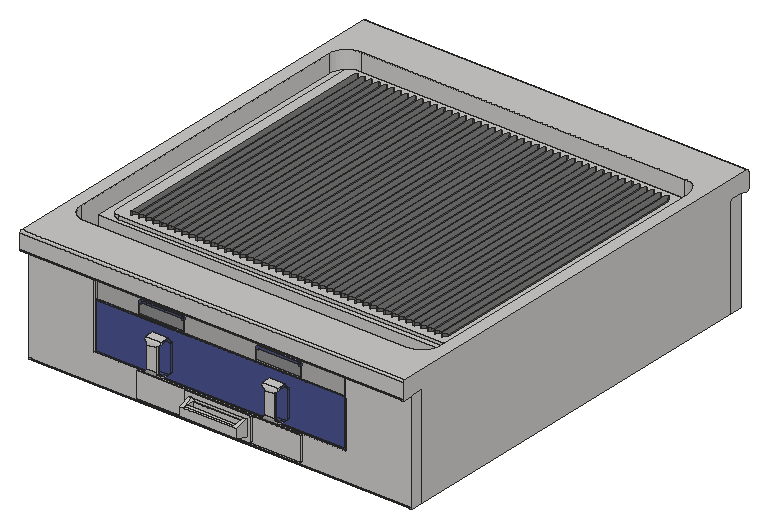
Revit family "QF_ELECTROLUXPROFESSIONAL_589098_MCHNAAHOAO", category Specialty Equipment, Revit 2018 (continued)
Definition of nested family "EG_900_800 mm Full Grate"
  Automatic sketch dimensions
    curve 82 to curve 82 = 572.969 mm
    curve 79 to curve 81 = 0 mm
    curve 79 to curve 79 = 9.283 mm
    curve 85 to curve 85 = 6.5 mm
    curve 88 to curve 89 = 6.5 mm
    curve 86 to curve 86 = 6.5 mm
    curve 90 to curve 87 = 9.283 mm
    curve 89 to curve 88 = 9.283 mm
    curve 88 to curve 88 = 572.969 mm
    curve 85 to curve 87 = 0 mm
    curve 85 to curve 85 = 9.283 mm
    curve 91 to curve 91 = 6.5 mm
    curve 94 to curve 95 = 6.5 mm
    curve 92 to curve 92 = 6.5 mm
    curve 96 to curve 93 = 9.283 mm
    curve 95 to curve 94 = 9.283 mm
    curve 94 to curve 94 = 572.969 mm
    curve 91 to curve 93 = 0 mm
    curve 91 to curve 91 = 9.283 mm
    curve 97 to curve 97 = 6.5 mm
    curve 100 to curve 101 = 6.5 mm
    curve 98 to curve 98 = 6.5 mm
    curve 102 to curve 99 = 9.283 mm
    curve 101 to curve 100 = 9.283 mm
    curve 100 to curve 100 = 572.969 mm
    curve 97 to curve 99 = 0 mm
    curve 97 to curve 97 = 9.283 mm
    curve 103 to curve 103 = 6.5 mm
    curve 106 to curve 107 = 6.5 mm
    curve 104 to curve 104 = 6.5 mm
    curve 108 to curve 105 = 9.283 mm
    curve 107 to curve 106 = 9.283 mm
    curve 106 to curve 106 = 572.969 mm
    curve 103 to curve 105 = 0 mm
    curve 103 to curve 103 = 9.283 mm
    curve 109 to curve 109 = 6.5 mm
    curve 112 to curve 113 = 6.5 mm
    curve 110 to curve 110 = 6.5 mm
    curve 114 to curve 111 = 9.283 mm
    curve 113 to curve 112 = 9.283 mm
    curve 112 to curve 112 = 572.969 mm
    curve 109 to curve 111 = 0 mm
    curve 109 to curve 109 = 9.283 mm
    curve 115 to curve 115 = 6.5 mm
    curve 118 to curve 119 = 6.5 mm
    curve 116 to curve 116 = 6.5 mm
    curve 120 to curve 117 = 9.283 mm
    curve 119 to curve 118 = 9.283 mm
    curve 118 to curve 118 = 572.969 mm
    curve 115 to curve 117 = 0 mm
    curve 115 to curve 115 = 9.283 mm
    curve 121 to curve 121 = 6.5 mm
    curve 124 to curve 125 = 6.5 mm
    curve 122 to curve 122 = 6.5 mm
    curve 126 to curve 123 = 9.283 mm
    curve 125 to curve 124 = 9.283 mm
    curve 124 to curve 124 = 572.969 mm
    curve 121 to curve 123 = 0 mm
    curve 121 to curve 121 = 9.283 mm
    curve 127 to curve 127 = 6.5 mm
    curve 130 to curve 131 = 6.5 mm
    curve 128 to curve 128 = 6.5 mm
    curve 132 to curve 129 = 9.283 mm
    curve 131 to curve 130 = 9.283 mm
    curve 130 to curve 130 = 572.969 mm
    curve 127 to curve 129 = 0 mm
    curve 127 to curve 127 = 9.283 mm
    curve 133 to curve 133 = 6.5 mm
    curve 136 to curve 137 = 6.5 mm
    curve 134 to curve 134 = 6.5 mm
    curve 138 to curve 135 = 9.283 mm
    curve 137 to curve 136 = 9.283 mm
    curve 136 to curve 136 = 572.969 mm
    curve 133 to curve 135 = 0 mm
    curve 133 to curve 133 = 9.283 mm
    curve 139 to curve 139 = 6.5 mm
    curve 142 to curve 143 = 6.5 mm
    curve 140 to curve 140 = 6.5 mm
    curve 144 to curve 141 = 9.283 mm
    curve 143 to curve 142 = 9.283 mm
    curve 142 to curve 142 = 572.969 mm
    curve 139 to curve 141 = 0 mm
    curve 139 to curve 139 = 9.283 mm
    curve 145 to curve 145 = 6.5 mm
    curve 148 to curve 149 = 6.5 mm
    curve 146 to curve 146 = 6.5 mm
    curve 150 to curve 147 = 9.283 mm
    curve 149 to curve 148 = 9.283 mm
    curve 148 to curve 148 = 572.969 mm
    curve 145 to curve 147 = 0 mm
    curve 145 to curve 145 = 9.283 mm
    curve 151 to curve 151 = 6.5 mm
    curve 154 to curve 155 = 6.5 mm
    curve 152 to curve 152 = 6.5 mm
    curve 156 to curve 153 = 9.283 mm
    curve 155 to curve 154 = 9.283 mm
    curve 154 to curve 154 = 572.969 mm
    curve 151 to curve 153 = 0 mm
    curve 151 to curve 151 = 9.283 mm
    curve 157 to curve 157 = 6.5 mm
    curve 160 to curve 161 = 6.5 mm
    curve 158 to curve 158 = 6.5 mm
    curve 162 to curve 159 = 9.283 mm
    curve 161 to curve 160 = 9.283 mm
    curve 160 to curve 160 = 572.969 mm
    curve 157 to curve 159 = 0 mm
    curve 157 to curve 157 = 9.283 mm
    curve 163 to curve 163 = 6.5 mm
    curve 166 to curve 167 = 6.5 mm
    curve 164 to curve 164 = 6.5 mm
    curve 168 to curve 165 = 9.283 mm
    curve 167 to curve 166 = 9.283 mm
    curve 166 to curve 166 = 572.969 mm
    curve 163 to curve 165 = 0 mm
    curve 163 to curve 163 = 9.283 mm
    curve 169 to curve 169 = 6.5 mm
    curve 172 to curve 173 = 6.5 mm
    curve 170 to curve 170 = 6.5 mm
    curve 174 to curve 171 = 9.283 mm
    curve 173 to curve 172 = 9.283 mm
    curve 172 to curve 172 = 572.969 mm
    curve 169 to curve 171 = 0 mm
    curve 169 to curve 169 = 9.283 mm
    curve 175 to curve 175 = 6.5 mm
    curve 178 to curve 179 = 6.5 mm
    curve 176 to curve 176 = 6.5 mm
    curve 180 to curve 177 = 9.283 mm
    curve 179 to curve 178 = 9.283 mm
    curve 178 to curve 178 = 572.969 mm
    curve 175 to curve 177 = 0 mm
    curve 175 to curve 175 = 9.283 mm
    curve 181 to curve 181 = 6.5 mm
    curve 184 to curve 185 = 6.5 mm
    curve 182 to curve 182 = 6.5 mm
    curve 186 to curve 183 = 9.283 mm
    curve 185 to curve 184 = 9.283 mm
    curve 184 to curve 184 = 572.969 mm
    curve 181 to curve 183 = 0 mm
    curve 181 to curve 181 = 9.283 mm
    curve 187 to curve 187 = 6.5 mm
    curve 190 to curve 191 = 6.5 mm
    curve 188 to curve 188 = 6.5 mm
    curve 192 to curve 189 = 9.283 mm
    curve 191 to curve 190 = 9.283 mm
    curve 190 to curve 190 = 572.969 mm
    curve 187 to curve 189 = 0 mm
    curve 187 to curve 187 = 9.283 mm
    curve 193 to curve 193 = 6.5 mm
    curve 196 to curve 197 = 6.5 mm
    curve 194 to curve 194 = 6.5 mm
    curve 198 to curve 195 = 9.283 mm
    curve 197 to curve 196 = 9.283 mm
    curve 196 to curve 196 = 572.969 mm
    curve 193 to curve 195 = 0 mm
    curve 193 to curve 193 = 9.283 mm
    curve 199 to curve 199 = 6.5 mm
    curve 202 to curve 203 = 6.5 mm
    curve 200 to curve 200 = 6.5 mm
    curve 204 to curve 201 = 9.283 mm
    curve 203 to curve 202 = 9.283 mm
    curve 202 to curve 202 = 572.969 mm
    curve 199 to curve 201 = 0 mm
    curve 199 to curve 199 = 9.283 mm
    curve 205 to curve 205 = 6.5 mm
    curve 208 to curve 209 = 6.5 mm
    curve 206 to curve 206 = 6.5 mm
    curve 210 to curve 207 = 9.283 mm
    curve 209 to curve 208 = 9.283 mm
    curve 208 to curve 208 = 572.969 mm
    curve 205 to curve 207 = 0 mm
    curve 205 to curve 205 = 9.283 mm
    curve 211 to curve 211 = 6.5 mm
    curve 214 to curve 215 = 6.5 mm
    curve 212 to curve 212 = 6.5 mm
    curve 216 to curve 213 = 9.283 mm
    curve 215 to curve 214 = 9.283 mm
    curve 214 to curve 214 = 572.969 mm
    curve 211 to curve 213 = 0 mm
    curve 211 to curve 211 = 9.283 mm
    curve 217 to curve 217 = 6.5 mm
    curve 220 to curve 221 = 6.5 mm
    curve 218 to curve 218 = 6.5 mm
    curve 222 to curve 219 = 9.283 mm
    curve 221 to curve 220 = 9.283 mm
    curve 220 to curve 220 = 572.969 mm
    curve 217 to curve 219 = 0 mm
    curve 217 to curve 217 = 9.283 mm
    curve 223 to curve 223 = 6.5 mm
    curve 226 to curve 227 = 6.5 mm
    curve 224 to curve 224 = 6.5 mm
    curve 228 to curve 225 = 9.283 mm
    curve 227 to curve 226 = 9.283 mm
    curve 226 to curve 226 = 572.969 mm
    curve 223 to curve 225 = 0 mm
    curve 223 to curve 223 = 9.283 mm
    curve 229 to curve 229 = 6.5 mm
    curve 232 to curve 233 = 6.5 mm
    curve 230 to curve 230 = 6.5 mm
    curve 234 to curve 231 = 9.283 mm
    curve 233 to curve 232 = 9.283 mm
    curve 232 to curve 232 = 572.969 mm
    curve 229 to curve 231 = 0 mm
    curve 229 to curve 229 = 9.283 mm
    curve 235 to curve 235 = 6.5 mm
    curve 238 to curve 239 = 6.5 mm
    curve 236 to curve 236 = 6.5 mm
    curve 240 to curve 237 = 9.283 mm
    curve 239 to curve 238 = 9.283 mm
    curve 238 to curve 238 = 572.969 mm
    curve 235 to curve 237 = 0 mm
    curve 235 to curve 235 = 9.283 mm
    curve 241 to curve 241 = 6.5 mm
    curve 244 to curve 245 = 6.5 mm
    curve 242 to curve 242 = 6.5 mm
    curve 246 to curve 243 = 9.283 mm
    curve 245 to curve 244 = 9.283 mm
    curve 244 to curve 244 = 572.969 mm
    curve 241 to curve 243 = 0 mm
    curve 241 to curve 241 = 9.283 mm
    curve 247 to curve 247 = 6.5 mm
    curve 250 to curve 251 = 6.5 mm
    curve 248 to curve 248 = 6.5 mm
    curve 252 to curve 249 = 9.283 mm
    curve 251 to curve 250 = 9.283 mm
    curve 250 to curve 250 = 572.969 mm
    curve 247 to curve 249 = 0 mm
    curve 247 to curve 247 = 9.283 mm
    curve 253 to curve 253 = 6.5 mm
    curve 256 to curve 257 = 6.5 mm
    curve 254 to curve 254 = 6.5 mm
    curve 258 to curve 255 = 9.283 mm
    curve 257 to curve 256 = 9.283 mm
    curve 256 to curve 256 = 572.969 mm
    curve 253 to curve 255 = 0 mm
    curve 253 to curve 253 = 9.283 mm
    curve 259 to curve 259 = 6.5 mm
    curve 262 to curve 263 = 6.5 mm
    curve 260 to curve 260 = 6.5 mm
    curve 264 to curve 261 = 9.283 mm
    curve 263 to curve 262 = 9.283 mm
    curve 262 to curve 262 = 572.969 mm
    curve 259 to curve 261 = 0 mm
    curve 259 to curve 259 = 9.283 mm
    curve 268 to plane 8 = 7 mm
  Nested families
    nested 1: "Grate for Griddle" at (-324.5, 0, 11.99), type "Grate for Griddle"
    nested 2: "Grate for Griddle" at (324.5, 0, 11.99), type "Grate for Griddle"
    nested 3: "Grate for Griddle" at (-309.407, 0, 11.99), type "Grate for Griddle"
    nested 4: "Grate for Griddle" at (-294.314, 0, 11.99), type "Grate for Griddle"
    nested 5: "Grate for Griddle" at (-279.221, 0, 11.99), type "Grate for Griddle"
    nested 6: "Grate for Griddle" at (-264.128, 0, 11.99), type "Grate for Griddle"
    nested 7: "Grate for Griddle" at (-249.035, 0, 11.99), type "Grate for Griddle"
    nested 8: "Grate for Griddle" at (-233.942, 0, 11.99), type "Grate for Griddle"
    nested 9: "Grate for Griddle" at (-218.849, 0, 11.99), type "Grate for Griddle"
    nested 10: "Grate for Griddle" at (-203.756, 0, 11.99), type "Grate for Griddle"
    nested 11: "Grate for Griddle" at (-188.663, 0, 11.99), type "Grate for Griddle"
    nested 12: "Grate for Griddle" at (-173.57, 0, 11.99), type "Grate for Griddle"
    nested 13: "Grate for Griddle" at (-158.477, 0, 11.99), type "Grate for Griddle"
    nested 14: "Grate for Griddle" at (-143.384, 0, 11.99), type "Grate for Griddle"
    nested 15: "Grate for Griddle" at (-128.291, 0, 11.99), type "Grate for Griddle"
    nested 16: "Grate for Griddle" at (-113.198, 0, 11.99), type "Grate for Griddle"
    nested 17: "Grate for Griddle" at (-98.105, 0, 11.99), type "Grate for Griddle"
    nested 18: "Grate for Griddle" at (-83.012, 0, 11.99), type "Grate for Griddle"
    nested 19: "Grate for Griddle" at (-67.919, 0, 11.99), type "Grate for Griddle"
    nested 20: "Grate for Griddle" at (-52.826, 0, 11.99), type "Grate for Griddle"
    nested 21: "Grate for Griddle" at (-37.733, 0, 11.99), type "Grate for Griddle"
    nested 22: "Grate for Griddle" at (-22.64, 0, 11.99), type "Grate for Griddle"
    nested 23: "Grate for Griddle" at (-7.547, 0, 11.99), type "Grate for Griddle"
    nested 24: "Grate for Griddle" at (7.547, 0, 11.99), type "Grate for Griddle"
    nested 25: "Grate for Griddle" at (22.64, 0, 11.99), type "Grate for Griddle"
    nested 26: "Grate for Griddle" at (37.733, 0, 11.99), type "Grate for Griddle"
    nested 27: "Grate for Griddle" at (52.826, 0, 11.99), type "Grate for Griddle"
    nested 28: "Grate for Griddle" at (67.919, 0, 11.99), type "Grate for Griddle"
    nested 29: "Grate for Griddle" at (83.012, 0, 11.99), type "Grate for Griddle"
    nested 30: "Grate for Griddle" at (98.105, 0, 11.99), type "Grate for Griddle"
    nested 31: "Grate for Griddle" at (113.198, 0, 11.99), type "Grate for Griddle"
    nested 32: "Grate for Griddle" at (128.291, 0, 11.99), type "Grate for Griddle"
    nested 33: "Grate for Griddle" at (143.384, 0, 11.99), type "Grate for Griddle"
    nested 34: "Grate for Griddle" at (158.477, 0, 11.99), type "Grate for Griddle"
    nested 35: "Grate for Griddle" at (173.57, 0, 11.99), type "Grate for Griddle"
    nested 36: "Grate for Griddle" at (188.663, 0, 11.99), type "Grate for Griddle"
    nested 37: "Grate for Griddle" at (203.756, 0, 11.99), type "Grate for Griddle"
    nested 38: "Grate for Griddle" at (218.849, 0, 11.99), type "Grate for Griddle"
    nested 39: "Grate for Griddle" at (233.942, 0, 11.99), type "Grate for Griddle"
    nested 40: "Grate for Griddle" at (249.035, 0, 11.99), type "Grate for Griddle"
    nested 41: "Grate for Griddle" at (264.128, 0, 11.99), type "Grate for Griddle"
    nested 42: "Grate for Griddle" at (279.221, 0, 11.99), type "Grate for Griddle"
    nested 43: "Grate for Griddle" at (294.314, 0, 11.99), type "Grate for Griddle"
    nested 44: "Grate for Griddle" at (309.407, 0, 11.99), type "Grate for Griddle"
  Definition of nested family "Grate for Griddle"
    Reference planes
      plane 1 "Center (Front/Back)": y = 0
      plane 2: z = 0
      plane 3 "Center (Left/Right)": x = 0
      plane 4: x = -5.214
      plane 5: x = 7.786
      plane 6: y = 294
      plane 7: y = -294
    Forms (mm)
      Extrusion 1, solid
        sketch origin (1322.686, 294, -6.066) x (1, 0, 0) y (0, 0, 1)
          loop
            line (-1316.186, 888.55) -> (-1316.186, 890.55)
            arc (-1316.186, 890.55) -> (-1322.686, 894.177) -> (-1329.186, 890.55) r 7.638
            line (-1329.186, 890.55) -> (-1329.186, 888.55) -> (-1316.186, 888.55)
        from 0 to 588
      Extrusion 2, void
        sketch origin (0, 0, 0) x (1, 0, 0) y (0, 1, 0)
          loop
            line (-1.237, 294) -> (-6.5, 294) -> (-6.5, 286.484) -> (-1.237, 294)
          loop
            line (1.237, 294) -> (6.5, 286.484) -> (6.5, 294) -> (1.237, 294)
          loop
            line (-1.237, -294) -> (-6.5, -286.484) -> (-6.5, -294) -> (-1.237, -294)
          loop
            line (1.237, -294) -> (6.5, -294) -> (6.5, -286.484) -> (1.237, -294)
        from 878.991 to 892.372
    Cuts and joins
      Extrusion 2 cuts Extrusion 1
    Lines and regions (mm)
      symbolic lines
        curve 1: line (6.5, -286.484, 0) -> (6.5, 286.484, 0)
        curve 2: line (6.5, -286.484, 0) -> (1.237, -294, 0)
        curve 3: line (-1.237, -294, 0) -> (-6.5, -286.484, 0)
        curve 4: line (-6.5, 286.484, 0) -> (-6.5, -286.484, 0)
        curve 5: line (-6.5, 286.484, 0) -> (-1.237, 294, 0)
        curve 6: line (1.237, 294, 0) -> (6.5, 286.484, 0)
    Dimensions and locks
      plane 6 to plane 7 = 588 mm
      aligned and locked: Extrusion 1 to plane 7
      aligned and locked: plane 6 to Extrusion 1
      aligned and locked: curve 1 to cut or joined group of Extrusion 1, Extrusion 2
      aligned and locked: curve 2 to cut or joined group of Extrusion 1, Extrusion 2
      aligned and locked: curve 3 to cut or joined group of Extrusion 1, Extrusion 2
      aligned and locked: curve 4 to cut or joined group of Extrusion 1, Extrusion 2
      aligned and locked: curve 5 to cut or joined group of Extrusion 1, Extrusion 2
      aligned and locked: curve 6 to cut or joined group of Extrusion 1, Extrusion 2
